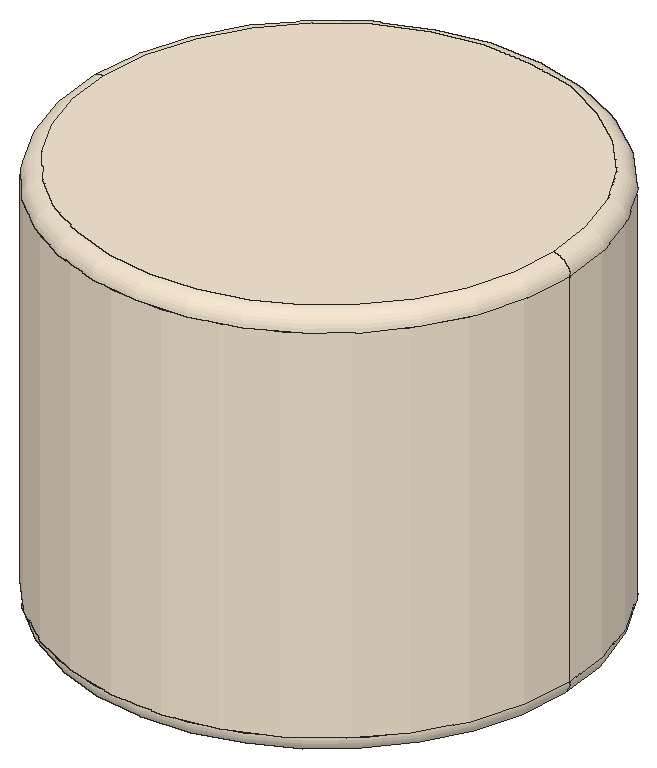
Revit family "Seating_Inc-Hover_Round", category Furniture, Revit 2014
Parameters (values of type "Hover-Mini Round HM18R")
  URL = "http://www.seatinginc.com"
  Type Comments = "Hover Mini Round"
  Seat = STI - Fabric
  Model = "HM18R"
  Manufacturer = "seating inc."  # constant formula
  Leg Offset = if(Diameter = 18", 3 127/128", if(Diameter = 24", 4 127/128", if(Diameter = 30", 5 197/256", 5")))  # 3 127/128"
  Keynote = "12500"
  Height = 15"
  Half Dia = Diameter / 2  # 9"
  Diameter = 18"
  Description = "Hover Mini Round 18\"D 15\"H"
  Caster = STI - Plastic
  Assembly Code = "E2020200"
Types (7): name | Type Comments | Model | Leg Offset | Height | Half Dia | Diameter | Description
  (no name) | "Hover Mini Round" | "HM18R" | 3 127/128" | 15" | 9" | 18" | "Hover Mini Round 18\"D 15\"H"
  Hover-Round HP18R | "Hover Round" | "HP18R" | 3 127/128" | 18" | 9" | 18" | "Hover Round 18\"D 18\"H"
  Hover-Round HP24R | "Hover Round" | "HP24R" | 4 127/128" | 18" | 12" | 24" | "Hover Round 24\"D 18\"H"
  Hover-Round HP30R | "Hover Round" | "HP30R" | 5 197/256" | 18" | 15" | 30" | "Hover Round 30\"D 18\"H"
  Hover-Mini Round HM18R | "Hover Mini Round" | "HM18R" | 3 127/128" | 15" | 9" | 18" | "Hover Mini Round 18\"D 15\"H"
  Hover-Mini Round HM24R | "Hover Mini Round" | "HM24R" | 4 127/128" | 15" | 12" | 24" | "Hover Mini Round 24\"D 15\"H"
  Hover-Mini Round HM30R | "Hover Mini Round" | "HM30R" | 5 197/256" | 15" | 15" | 30" | "Hover Mini Round 30\"D 15\"H"
Reference planes (in)
  plane 1 "Center (Front/Back)": y = -2.5
  plane 2: z = 0
  plane 3 "Center (Left/Right)": x = 11
  plane 4: y = 6.5
  plane 5: y = -11.5
  plane 6: x = 2
  plane 7: x = 20
  plane 8: z = 15
  plane 9: x = 5.99219
  plane 10: x = 16.00781
  plane 11: x = 16.00781
  plane 12: x = 5.99219
Forms (in)
  Sweep 1, solid, material "STI - Fabric" <- "Seat"
    path origin (0, 0, 0) x (1, 0, 0) y (0, 1, 0)
      loop
        circle (11, -2.5) r 9
    profile origin (11, 6.5, 0) x (0, -1, 0) y (0, 0, 1)
      loop
        line (0.6054, 0.24989) -> (0.76996, 0.24989) -> (0.76996, 15) -> (0.60547, 15)
        arc (0.60547, 15) -> (0.17734, 14.82266) -> (0, 14.39453) r 0.60547
        line (0, 14.39453) -> (0, 0.85529)
        arc (0, 0.85529) -> (0.17732, 0.4272) -> (0.6054, 0.24989) r 0.6054
  Extrusion 2, solid, material "STI - Fabric" <- "Seat"
    sketch origin (11, -2.5, 15) x (1, 0, 0) y (0, 1, 0)
      loop
        circle (0, 0) r 8.23004
    from 0 to -14.75011
  Sweep 3, solid, material "STI - Plastic" <- "Caster"
    path origin (0, 0, 0) x (1, 0, 0) y (0, 1, 0)
      loop
        line (5.61719, 2.50781) -> (6.36719, 2.50781)
    profile origin (5.99219, 2.50781, 0) x (0, 1, 0) y (0, 0, 1)
      loop
        circle (0, 0.49733) r 0.50267
  Sweep 4, solid, material "STI - Plastic" <- "Caster"
    path origin (22, 0, 0) x (-1, 0, 0) y (0, 1, 0)
      loop
        line (5.61719, 2.50781) -> (6.36719, 2.50781)
    profile origin (16.00781, 2.50781, 0) x (0, -1, 0) y (0, 0, 1)
      loop
        circle (0, 0.49733) r 0.50267
  Sweep 5, solid, material "STI - Plastic" <- "Caster"
    path origin (22, -5, 0) x (-1, 0, 0) y (0, -1, 0)
      loop
        line (5.61719, 2.50781) -> (6.36719, 2.50781)
    profile origin (16.00781, -7.50781, 0) x (0, -1, 0) y (0, 0, 1)
      loop
        circle (0, 0.49733) r 0.50267
  Sweep 6, solid, material "STI - Plastic" <- "Caster"
    path origin (0, -5, 0) x (1, 0, 0) y (0, -1, 0)
      loop
        line (5.61719, 2.50781) -> (6.36719, 2.50781)
    profile origin (5.99219, -7.50781, 0) x (0, 1, 0) y (0, 0, 1)
      loop
        circle (0, 0.49733) r 0.50267
Cuts and joins
  joined: Sweep 1, Extrusion 2
Lines and regions (in)
  symbolic lines, style "Bench"
    curve 1: circle (11, -2.5, 0) r 9 normal (0, 0, 1)
  symbolic lines, style "FurnitureHiddenLines", detail levels fine
    curve 2: line (5.61719, 2.00514, 0) -> (5.61719, 3.01048, 0)
    curve 3: line (6.36719, 2.00514, 0) -> (6.36719, 3.01048, 0)
    curve 4: line (5.61719, 3.01048, 0) -> (6.36719, 3.01048, 0)
    curve 5: line (5.61719, 2.00514, 0) -> (6.36719, 2.00514, 0)
    curve 6: line (15.63281, 3.01048, 0) -> (15.63281, 2.00514, 0)
    curve 7: line (16.38281, 3.01048, 0) -> (16.38281, 2.00514, 0)
    curve 8: line (15.63281, 2.00514, 0) -> (16.38281, 2.00514, 0)
    curve 9: line (15.63281, 3.01048, 0) -> (16.38281, 3.01048, 0)
    curve 10: line (6.36719, -7.00514, 0) -> (6.36719, -8.01048, 0)
    curve 11: line (5.61719, -7.00514, 0) -> (5.61719, -8.01048, 0)
    curve 12: line (15.63281, -8.01048, 0) -> (15.63281, -7.00514, 0)
    curve 13: line (16.38281, -8.01048, 0) -> (16.38281, -7.00514, 0)
    curve 14: line (15.63281, -8.01048, 0) -> (16.38281, -8.01048, 0)
    curve 15: line (15.63281, -7.00514, 0) -> (16.38281, -7.00514, 0)
    curve 16: line (5.61719, -8.01048, 0) -> (6.36719, -8.01048, 0)
    curve 17: line (5.61719, -7.00514, 0) -> (6.36719, -7.00514, 0)
Dimensions and locks (in)
  equal spacing: plane 6, plane 3 "Center (Left/Right)", plane 7
  equal spacing: plane 4, plane 1 "Center (Front/Back)", plane 5
  "Diameter": plane 4 to plane 5
  "Diameter": plane 6 to plane 7
  "Height": plane 8 to plane 2
  "Leg Offset": Sweep 3 sketch curve to plane 4
  Sweep 3 sketch curve to plane 9 to Sweep 3 sketch curve = 3/8" locked, 3/8" locked
  "Leg Offset": plane 6 to plane 9
  Sweep 4 sketch curve to plane 10 to Sweep 4 sketch curve = 3/8" locked, 3/8" locked
  "Leg Offset": plane 10 to plane 7
  "Leg Offset": plane 4 to Sweep 4 sketch curve
  Sweep 5 sketch curve to plane 11 to Sweep 5 sketch curve = 3/8" locked, 3/8" locked
  "Leg Offset": plane 11 to plane 7
  "Leg Offset": Sweep 5 sketch curve to plane 5
  Sweep 6 sketch curve to plane 12 to Sweep 6 sketch curve = 3/8" locked, 3/8" locked
  "Leg Offset": plane 6 to plane 12
  "Leg Offset": plane 5 to Sweep 6 sketch curve
  "Half Dia": radius of Sweep 1 sketch curve
  "Half Dia": radius of curve 1
  aligned and locked: plane 2 to level
  aligned and locked: plane 8 to Sweep 1 sketch curve
  aligned and locked: Extrusion 2 sketch curve to Sweep 1
  aligned and locked: Extrusion 2 to Sweep 1  (x2)
  aligned and locked: curve 2 to Sweep 3
  aligned and locked: curve 3 to Sweep 3
  aligned and locked: Sweep 4 to curve 6
  aligned and locked: Sweep 4 to curve 7
  aligned and locked: Sweep 6 to curve 10
  aligned and locked: Sweep 6 to curve 11
  aligned and locked: Sweep 5 to curve 12
  aligned and locked: Sweep 5 to curve 13
  aligned and locked: curve 4 to Sweep 3
  aligned and locked: curve 5 to Sweep 3
  aligned and locked: curve 9 to Sweep 4
  aligned and locked: curve 17 to Sweep 6
  aligned and locked: curve 16 to Sweep 6
  aligned and locked: curve 15 to Sweep 5
  aligned and locked: curve 14 to Sweep 5
Automatic sketch dimensions
  Sweep 1 sketch curve to profile plane = 0"
  Sweep 1 sketch curve to Sweep 1 sketch curve = 0.6054"
  Sweep 1 sketch curve to profile plane = 155/256"
  Sweep 1 sketch curve to Sweep 1 sketch curve = 0.16456"
  level to Sweep 1 sketch curve = 0.85529"
  Sweep 3 sketch curve to profile plane = 0"
  level to Sweep 3 sketch curve = 0.49733"
  Sweep 4 sketch curve to profile plane = 0"
  level to Sweep 4 sketch curve = 0.49733"
  Sweep 5 sketch curve to profile plane = 0"
  level to Sweep 5 sketch curve = 0.49733"
  Sweep 6 sketch curve to profile plane = 0"
  level to Sweep 6 sketch curve = 0.49733"
  plane 1 "Center (Front/Back)" to curve 1 = 0"
  curve 1 to plane 3 "Center (Left/Right)" = 0"
  curve 8 to curve 7 = 1.00534"
  plane 1 "Center (Front/Back)" to Sweep 1 sketch curve = 0"
  Sweep 1 sketch curve to plane 3 "Center (Left/Right)" = 0"
  radius of Sweep 3 sketch curve = 0.50267"
  radius of Sweep 4 sketch curve = 0.50267"
  radius of Sweep 5 sketch curve = 0.50267"
  radius of Sweep 6 sketch curve = 0.50267"
